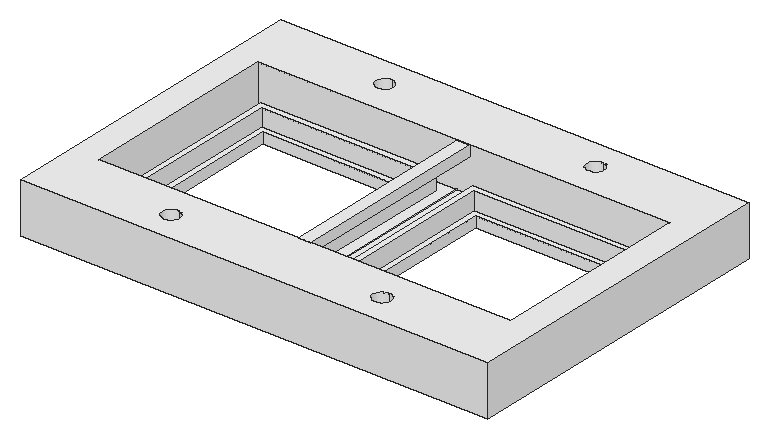
Revit family "Gira_021206", category Electrical Fixtures, host Face, Revit 2017
Family settings
  Host = Face
  Maintain Annotation Orientation = No
  Round Connector Dimension = Use Diameter
  Part Type = Normal
  Cut with Voids When Loaded = No
  Shared = No
  Room Calculation Point = No
Parameters (values of type "Abdeckrahmen 2f Zwischenr. AN Gira Event F Alu")
  Werkstoffgüte = "Thermoplast"
  Werkstoff = "Kunststoff"
  URL = "http://katalog.gira.de/de_DE/datenblatt.html?artikelnr=021206"
  Transparent = "No"
  Textfeld/Beschriftungsfläche = "No"
  Schutzart (IP) = "IP20"
  Region = "DE"
  Oberfläche = "sonstige"
  Name = "Abdeckrahmen 2f Zwischenr. AN Gira Event F Alu"
  Montagerichtung = "horizontal und vertikal"
  Mit Montagerahmen = "No"
  Mit Klappdeckel = "No"
  Manufacturer URL = "https://www.gira.de/"
  Keynote = "TX44_Rahmen_2fach"
  HeinzeBIM = "https://bimportal.heinze.de/bim/abdeckrahmen-2f-zwischenr-an-gira-event-f-alu/41368fd5b7a940ee7099e14f0abe290d09fa2608"
  Halogenfrei = "Yes"
  HAN = "021206"
  Geeignet für Unterputz-Installation = "Yes"
  Geeignet für Unterflurkanaldose = "No"
  Geeignet für Geräteeinbaukanal = "No"
  Geeignet für Einbauinstallation = "No"
  GTIN = "4010337212065"
  Farbe = "aluminium"
  Default Elevation = 1219.2 mm
  Data sheet (1) = "https://katalog.gira.de/de_DE/download.html?artikelnr=021206"
  Category = "Abdeckrahmen"
  Befestigungsart = "sonstige"
  Available = "Yes"
  Anzahl der Einheiten vertikal = "2 "
  Anzahl der Einheiten horizontal = "2 "
  Anzahl der Einheiten = "2 "
Reference planes
  plane 1 "Center (Front/Back)": y = 0
  plane 2: z = 0
  plane 3 "Center (Left/Right)": x = 0
  plane 4: x = 78.75
  plane 5: x = 2
  plane 6: x = -2
Forms (mm)
  Extrusion 1, solid, material "White", detail levels fine
    sketch origin (-35.841, 0, 0) x (0, -1, 0) y (1, 0, 0)
      loop
        line (-54.959, 114.591) -> (-54.959, -42.909) -> (54.959, -42.909) -> (54.959, 114.591) -> (-54.959, 114.591)
      loop
        line (-33.5, -33.5) -> (33.5, -33.5) -> (33.5, 105.183) -> (-33.5, 105.183) -> (-33.5, -33.5)
      loop
        circle (-45, -0.006) r 3
      loop
        circle (44.992, 0.001) r 3
      loop
        circle (-45, 71.094) r 3
      loop
        circle (44.992, 71.101) r 3
    from 0 to 16.9
  Extrusion 2, solid, material "White", detail levels fine
    sketch origin (-35.841, 0, 0) x (0, -1, 0) y (1, 0, 0)
      loop
        line (-25.5, 25.5) -> (-25.5, -25.5) -> (25.5, -25.5) -> (25.5, 25.5) -> (-25.5, 25.5)
      loop
        line (-33.5, 33.5) -> (-33.5, -33.5) -> (33.5, -33.5) -> (33.5, 33.5) -> (-33.5, 33.5)
    from -1.6 to 2
  Extrusion 3, solid, material "White", detail levels fine
    sketch origin (-35.841, 0, 0) x (0, -1, 0) y (1, 0, 0)
      loop
        line (-27.5, 27.5) -> (-27.5, -27.5) -> (27.5, -27.5) -> (27.5, 27.5) -> (-27.5, 27.5)
      loop
        line (-29.5, 29.5) -> (-29.5, -29.5) -> (29.5, -29.5) -> (29.5, 29.5) -> (-29.5, 29.5)
    from 2 to 7.8
  Extrusion 4, solid, material "White", detail levels coarse+medium
    sketch origin (-35.841, 0, 0) x (0, -1, 0) y (1, 0, 0)
      loop
        line (-54.959, 114.591) -> (-54.959, -42.909) -> (54.959, -42.909) -> (54.959, 114.591) -> (-54.959, 114.591)
    from -1.6 to 16.9
  Extrusion 5, solid, material "White", detail levels fine
    sketch origin (35.841, 0, 0) x (0, -1, 0) y (1, 0, 0)
      loop
        line (-25.5, 25.5) -> (-25.5, -25.5) -> (25.5, -25.5) -> (25.5, 25.5) -> (-25.5, 25.5)
      loop
        line (-33.5, 33.5) -> (-33.5, -33.5) -> (33.5, -33.5) -> (33.5, 33.5) -> (-33.5, 33.5)
    from -1.6 to 2
  Extrusion 6, solid, material "White", detail levels fine
    sketch origin (35.841, 0, 0) x (0, -1, 0) y (1, 0, 0)
      loop
        line (-27.5, 27.5) -> (-27.5, -27.5) -> (27.5, -27.5) -> (27.5, 27.5) -> (-27.5, 27.5)
      loop
        line (-29.5, 29.5) -> (-29.5, -29.5) -> (29.5, -29.5) -> (29.5, 29.5) -> (-29.5, 29.5)
    from 2 to 7.8
  Extrusion 7, solid, material "White", detail levels fine
    sketch origin (-35.841, 0, 0) x (0, -1, 0) y (1, 0, 0)
      loop
        line (-33.5, 38.183) -> (-33.5, 33.5) -> (33.5, 33.5) -> (33.5, 38.183) -> (-33.5, 38.183)
    from 0 to 2
  Extrusion 8, solid, material "White", detail levels fine
    sketch origin (-35.841, 0, 0) x (0, -1, 0) y (1, 0, 0)
      loop
        line (-33.5, 37.841) -> (-33.5, 33.841) -> (33.5, 33.841) -> (33.5, 37.841) -> (-33.5, 37.841)
    from 13.4 to 16.9
Dimensions and locks
  aligned and locked: plane 2 to host face
  aligned and locked: level to host face
